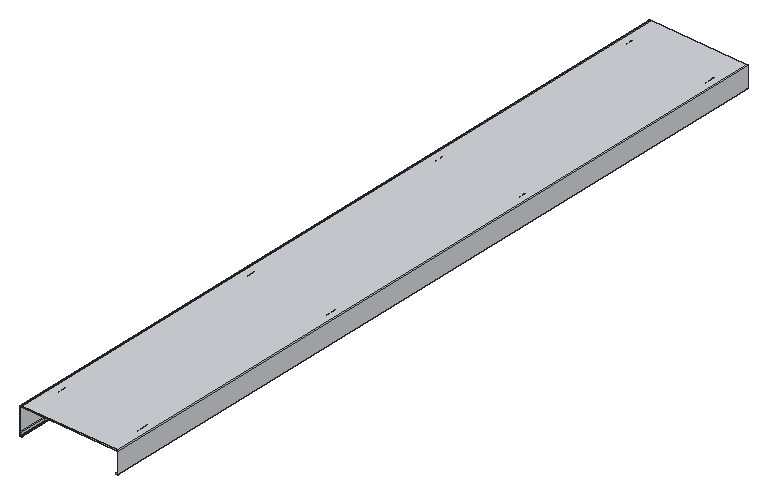
Revit family "AT250", category 一般モデル, Revit 2022
Family settings
  鉄筋をホスト可能 = いいえ
  丸型コネクタ寸法 = 直径を使用
  パーツ タイプ = 標準
  作業面ベース = いいえ
  常に垂直 = はい
  ロード時にボイドで切り取り = いいえ
  注釈の向きを維持 = いいえ
  共有 = いいえ
  部屋計算ポイント = いいえ
Parameters
  笠木長さ [instance] = 2000 mm
  既定の高さ = 0 mm
  定尺笠木長さ = 4000 mm
  固定金具数 [instance] = 4
  判定 [instance] = if(笠木長さ > 4000 mm, 定尺笠木長さ, 笠木長さ)  # 2000 mm
Reference planes
  plane 1 "中心(正面/背面)": y = 0
  plane 2: z = 4.002
  plane 3 "中心(左/右)": x = 0
  plane 4: y = -2000
  plane 5: x = 135
  plane 6: x = -135
  plane 7: z = -38.998
  plane 8: y = -100
  plane 9: y = -1900
Forms (mm)
  Extrusion 1, solid, not visible
    sketch origin (337.223, 0, -37.222) x (1, 0, 0) y (0, 0, 1)
      loop
        line (351.89, 143.81) -> (82.89, 158.482)
        arc (82.89, 158.482) -> (80.664, 157.665) -> (79.726, 155.487) r 3
        line (79.726, 155.487) -> (79.726, 89.155)
        arc (79.726, 89.155) -> (79.873, 88.801) -> (80.226, 88.655) r 0.5
        line (80.226, 88.655) -> (85.726, 88.655)
        arc (85.726, 88.655) -> (86.08, 88.801) -> (86.226, 89.155) r 0.5
        line (86.226, 89.155) -> (86.226, 91.455)
        arc (86.226, 91.455) -> (86.08, 91.809) -> (85.726, 91.955) r 0.5
        line (85.726, 91.955) -> (82.226, 91.955) -> (82.226, 96.955) -> (81.726, 101.955) -> (81.726, 154.431)
        arc (81.726, 154.431) -> (82.351, 155.883) -> (83.835, 156.428) r 2
        line (83.835, 156.428) -> (350.835, 141.864)
        arc (350.835, 141.864) -> (352.179, 141.242) -> (352.726, 139.867) r 2
        line (352.726, 139.867) -> (352.726, 101.955) -> (352.226, 96.955) -> (352.226, 91.955) -> (348.726, 91.955)
        arc (348.726, 91.955) -> (348.373, 91.809) -> (348.226, 91.455) r 0.5
        line (348.226, 91.455) -> (348.226, 89.155)
        arc (348.226, 89.155) -> (348.373, 88.801) -> (348.726, 88.655) r 0.5
        line (348.726, 88.655) -> (354.226, 88.655)
        arc (354.226, 88.655) -> (354.58, 88.801) -> (354.726, 89.155) r 0.5
        line (354.726, 89.155) -> (354.726, 140.814)
        arc (354.726, 140.814) -> (353.905, 142.877) -> (351.89, 143.81) r 3
    from 0 to 250
  Extrusion 2, solid
    sketch origin (0, 0, 0) x (1, 0, 0) y (0, 0, 1)
      loop
        line (122.68, -35.998) -> (119.08, -35.998)
        arc (119.08, -35.998) -> (118.727, -36.144) -> (118.58, -36.498) r 0.5
        line (118.58, -36.498) -> (118.58, -38.498)
        arc (118.58, -38.498) -> (118.727, -38.852) -> (119.08, -38.998) r 0.5
        line (119.08, -38.998) -> (124.38, -38.998)
        arc (124.38, -38.998) -> (124.734, -38.852) -> (124.88, -38.498) r 0.5
        line (124.88, -38.498) -> (124.88, 14.118)
        arc (124.88, 14.118) -> (124.336, 15.49) -> (123, 16.115) r 2
        line (123, 16.115) -> (-123, 30.875)
        arc (-123, 30.875) -> (-124.491, 30.334) -> (-125.12, 28.878) r 2
        line (-125.12, 28.878) -> (-125.12, -38.498)
        arc (-125.12, -38.498) -> (-124.973, -38.852) -> (-124.62, -38.998) r 0.5
        line (-124.62, -38.998) -> (-119.32, -38.998)
        arc (-119.32, -38.998) -> (-118.966, -38.852) -> (-118.82, -38.498) r 0.5
        line (-118.82, -38.498) -> (-118.82, -36.498)
        arc (-118.82, -36.498) -> (-118.966, -36.144) -> (-119.32, -35.998) r 0.5
        line (-119.32, -35.998) -> (-122.92, -35.998) -> (-122.92, -30.998) -> (-123.32, -25.998) -> (-123.32, 26.967)
        arc (-123.32, 26.967) -> (-122.691, 28.423) -> (-121.2, 28.964) r 2
        line (-121.2, 28.964) -> (121.2, 14.42)
        arc (121.2, 14.42) -> (122.536, 13.794) -> (123.08, 12.423) r 2
        line (123.08, 12.423) -> (123.08, -25.998) -> (122.68, -30.998) -> (122.68, -35.998)
    from 0 to 2000
Dimensions and locks
  "笠木長さ": plane 4 to plane 1 "中心(正面/背面)"
  locked: plane 6 to plane 3 "中心(左/右)" at 135
  plane 5 to plane 3 "中心(左/右)" = 135 mm
  plane 6 to plane 5 = 270 mm
  locked: plane 7 to plane 2 at 43
  locked: plane 9 to plane 4 at 100
  locked: plane 1 "中心(正面/背面)" to plane 8 at 100
  nested 1 to plane 8 = 25 mm
  equal spacing: group 2, group 4, group 5, group 3  (x2)
  equal spacing: group 3, group 5, group 4, group 2
  plane 9 to nested 2 = 25 mm
  "判定": plane 1 "中心(正面/背面)" to plane 4
  aligned and locked: import instance to plane 7
  aligned and locked: Extrusion 2 to plane 4
  aligned and locked: Extrusion 2 to plane 1 "中心(正面/背面)"
  aligned and locked: nested 1 to plane 2
  aligned and locked: plane 3 "中心(左/右)" to nested 1
  aligned and locked: plane 1 "中心(正面/背面)" to Extrusion 2
  aligned and locked: plane 4 to Extrusion 2
Automatic sketch dimensions
  Extrusion 2 sketch curve to plane 7 = 0 mm  (x2)
  Extrusion 2 sketch curve to plane 6 = 9.88 mm
  plane 7 to Extrusion 2 sketch curve = 0.5 mm  (x2)
  Extrusion 2 sketch curve to Extrusion 2 sketch curve = 2 mm  (x3)
  Extrusion 2 sketch curve to Extrusion 2 sketch curve = 0.12 mm  (x2)
  Extrusion 2 sketch curve to Extrusion 2 sketch curve = 5.3 mm  (x2)
  Extrusion 2 sketch curve to Extrusion 2 sketch curve = 0 mm
  Extrusion 2 sketch curve to Extrusion 2 sketch curve = 0.5 mm  (x3)
  plane 7 to Extrusion 2 sketch curve = 2.5 mm
  plane 5 to Extrusion 2 sketch curve = 16.42 mm
  plane 5 to Extrusion 2 sketch curve = 12.12 mm
  plane 2 to Extrusion 2 sketch curve = 10.116 mm
  plane 2 to Extrusion 2 sketch curve = 24.876 mm
  Extrusion 2 sketch curve to Extrusion 2 sketch curve = 1.7 mm  (x2)
  Extrusion 2 sketch curve to Extrusion 2 sketch curve = 0.4 mm  (x2)
  Extrusion 2 sketch curve to Extrusion 2 sketch curve = 1.92 mm
  Extrusion 2 sketch curve to Extrusion 2 sketch curve = 1.8 mm
  Extrusion 2 sketch curve to Extrusion 2 sketch curve = 1.68 mm
  Extrusion 2 sketch curve to Extrusion 2 sketch curve = 5 mm  (x4)
  Extrusion 2 sketch curve to Extrusion 2 sketch curve = 1.695 mm
  Extrusion 2 sketch curve to Extrusion 2 sketch curve = 1.911 mm
Nested families
  nested 1: "ATAF250" at (0, -75, 4.002), type "ATAF250"
  nested 2: "ATAF250" at (0, -1875, 4.002), type "ATAF250"
  nested 3: "ATAF250" at (0, -675, 4.002), type "ATAF250"
  nested 4: "ATAF250" at (0, -1275, 4.002), type "ATAF250"
Definition of nested family "ATAF250"
  Parameters
    Default Elevation = 0 mm
  Reference planes
    plane 1 "中心(正面/背面)": y = 0
    plane 2: z = 0
    plane 3 "中心(左/右)": x = 0
  Forms (mm)
    Extrusion 1, solid
      sketch origin (-426, 0, -474.158) x (1, 0, 0) y (0, 0, 1)
        loop
          line (302.8, 439.832) -> (302.8, 434.858) -> (304.603, 434.858) -> (315.349, 489.377)
          arc (315.349, 489.377) -> (316.858, 491.792) -> (319.592, 492.591) r 4
          line (319.592, 492.591) -> (330.999, 491.678)
          arc (330.999, 491.678) -> (332.637, 490.882) -> (333.3, 489.186) r 2.5
          line (333.3, 489.186) -> (333.3, 474.158) -> (523.6, 474.158) -> (523.6, 477.831)
          arc (523.6, 477.831) -> (524.39, 479.654) -> (526.26, 480.326) r 2.5
          line (526.26, 480.326) -> (535.147, 479.793)
          arc (535.147, 479.793) -> (537.501, 478.833) -> (538.801, 476.648) r 4
          line (538.801, 476.648) -> (547.2, 437.836) -> (547.2, 434.858) -> (549.2, 434.858) -> (549.195, 441.886) -> (541.2, 483.838) -> (519.693, 485.127) -> (519.2, 484.085) -> (519.2, 481.028)
          arc (519.2, 481.028) -> (518.589, 479.589) -> (517.13, 479.029) r 2
          line (517.13, 479.029) -> (499.195, 479.658) -> (482.554, 479.658) -> (459.13, 479.618) -> (455.656, 477.658) -> (436, 477.658) -> (436, 479.658) -> (434.5, 479.658) -> (434.5, 477.658) -> (426.9, 477.658) -> (426.9, 488.391) -> (436, 487.845) -> (436, 489.648) -> (426.018, 490.247) -> (416, 490.848) -> (416, 489.045) -> (425.1, 488.499) -> (425.1, 477.658) -> (417.5, 477.658) -> (417.5, 479.658) -> (416, 479.658) -> (416, 477.657) -> (396.195, 477.698) -> (392.72, 479.658) -> (363.087, 479.658) -> (352.793, 479.658) -> (339.893, 479.06)
          arc (339.893, 479.06) -> (338.419, 479.611) -> (337.8, 481.057) r 2
          line (337.8, 481.057) -> (337.795, 490.185) -> (336.8, 495.628) -> (312.8, 497.548) -> (302.8, 439.832)
      from 0 to 50
    Extrusion 2, solid, not visible
      sketch origin (8.333, 0, -92.222) x (1, 0, 0) y (0, 0, 1)
        loop
          line (302.8, 439.832) -> (302.8, 434.858) -> (304.603, 434.858) -> (315.349, 489.377)
          arc (315.349, 489.377) -> (316.858, 491.792) -> (319.592, 492.591) r 4
          line (319.592, 492.591) -> (330.999, 491.678)
          arc (330.999, 491.678) -> (332.637, 490.882) -> (333.3, 489.186) r 2.5
          line (333.3, 489.186) -> (333.3, 474.158) -> (523.6, 474.158) -> (523.6, 477.831)
          arc (523.6, 477.831) -> (524.39, 479.654) -> (526.26, 480.326) r 2.5
          line (526.26, 480.326) -> (535.147, 479.793)
          arc (535.147, 479.793) -> (537.501, 478.833) -> (538.801, 476.648) r 4
          line (538.801, 476.648) -> (547.2, 437.836) -> (547.2, 434.858) -> (549.2, 434.858) -> (549.195, 441.886) -> (541.2, 483.838) -> (519.693, 485.127) -> (519.2, 484.085) -> (519.2, 481.028)
          arc (519.2, 481.028) -> (518.589, 479.589) -> (517.13, 479.029) r 2
          line (517.13, 479.029) -> (499.195, 479.658) -> (482.554, 479.658) -> (459.13, 479.618) -> (455.656, 477.658) -> (436, 477.658) -> (436, 479.658) -> (434.5, 479.658) -> (434.5, 477.658) -> (426.9, 477.658) -> (426.9, 488.391) -> (436, 487.845) -> (436, 489.648) -> (426.018, 490.247) -> (416, 490.848) -> (416, 489.045) -> (425.1, 488.499) -> (425.1, 477.658) -> (417.5, 477.658) -> (417.5, 479.658) -> (416, 479.658) -> (416, 477.657) -> (396.195, 477.698) -> (392.72, 479.658) -> (363.087, 479.658) -> (352.793, 479.658) -> (339.893, 479.06)
          arc (339.893, 479.06) -> (338.419, 479.611) -> (337.8, 481.057) r 2
          line (337.8, 481.057) -> (337.795, 490.185) -> (336.8, 495.628) -> (312.8, 497.548) -> (302.8, 439.832)
      from 0 to 50
  Lines and regions (mm)
    reference lines
      curve 1: line (0, 0, -39.3) -> (0, 0, 16.09)
    reference lines, not visible
      curve 2: line (434.333, 0, 342.636) -> (434.333, 0, 398.026)
  Dimensions and locks
    aligned and locked: level to plane 2
    aligned and locked: Extrusion 1 to level
    aligned and locked: plane 3 "中心(左/右)" to curve 1
